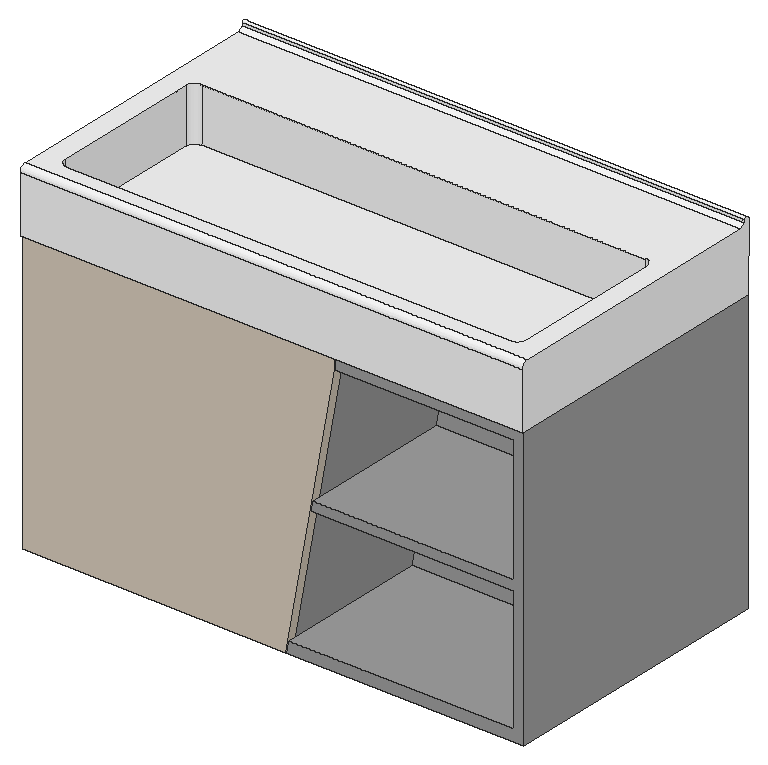
Revit family "LM0076101_Mueble Fussion Plus 80 Cm", category Specialty Equipment, Revit 2019
Family settings
  Round Connector Dimension = Use Diameter
  Part Type = Normal
  Work Plane-Based = No
  Always vertical = Yes
  Cut with Voids When Loaded = No
  Shared = No
  Room Calculation Point = No
Parameters
  Resistencia al Rayado = "700 ciclos."  # constant formula
  Resistencia a la humedad = "8%."  # constant formula
  Profundidad = 446 mm
  Profundida Lavamanos = 450 mm
  Peso Neto aprox = "32 lb (14,5 kg)."  # constant formula
  Peso Bruto aprox = "34,2 lb (15,5 kg)."  # constant formula
  Model = "Mueble Fussion Plus 80 Cm"  # constant formula
  Material 4 = Corona_Acero inoxidable
  Material 3 = Corona_Madera_Aglomerada_Plomo
  Material 2 = Corona_Madera_Aglomerada_Duna
  Material = Corona_Porcelana_Sanitaria
  Manufacturer = "Corona"  # constant formula
  Fecha de creación = "30/07/2020"  # constant formula
  Dimensiones generales del producto = "17,72” x 31,50” x 17,56” (450,0 x 800 x 446 mm)."  # constant formula
  Densidad = "15mm 670 kg./m^3."  # constant formula
  Creado por = "IDD"  # constant formula
  Canto = "PVC rígido 22 mm de calibre."  # constant formula
  Ancho Lavamanos = 802 mm
  Ancho = 800 mm
  Altura Lavamanos = 100 mm
  Alto = 450 mm
Reference planes
  plane 1 "Center (Front/Back)": y = 0
  plane 2: z = 0
  plane 3 "Center (Left/Right)": x = 0
  plane 4: x = -400
  plane 5: x = 400
  plane 6: y = -446
  plane 7: z = 450
  plane 8: z = 550
  plane 9: x = -400.965
  plane 10: x = 401.035
  plane 11: y = 0
  plane 12: y = -450
  plane 13: y = -200
Forms (mm)
  Extrusion 1, solid, material "Corona_Madera_Aglomerada_Duna" <- "Material 2"
    sketch origin (0, 0, 0) x (1, 0, 0) y (0, 0, 1)
      loop
        line (-400, 450) -> (-400, 0) -> (20, 0) -> (97.782, 431.668) -> (97.782, 450) -> (-400, 450)
    from 431.629 to 446
  Extrusion 2, solid, material "Corona_Madera_Aglomerada_Plomo" <- "Material 3"
    sketch origin (0, 0, 0) x (1, 0, 0) y (0, 0, 1)
      loop
        line (97.782, 450) -> (97.782, 431.668) -> (20, 0) -> (400, 0) -> (400, 450) -> (97.782, 450)
    from 0 to 200
  Extrusion 3, solid, material "Corona_Madera_Aglomerada_Plomo" <- "Material 3"
    sketch origin (0, 0, 0) x (1, 0, 0) y (0, 0, 1)
      loop
        line (97.782, 431.668) -> (382.782, 431.668) -> (382.782, 231.668) -> (61.744, 231.668) -> (58.891, 215.834) -> (382.782, 215.834) -> (382.782, 18.127) -> (23.266, 18.127) -> (20, 0) -> (400, 0) -> (400, 450) -> (97.782, 450) -> (97.782, 431.668)
    from 200 to 446
  Extrusion 4, solid, material "Corona_Madera_Aglomerada_Plomo" <- "Material 3"
    sketch origin (0, 14.371, 0) x (1, 0, 0) y (0, 0, 1)
      loop
        line (-400, 450) -> (-400, 0) -> (20, 0) -> (97.782, 431.668) -> (97.782, 450) -> (-400, 450)
    from 14.371 to 446
  Extrusion 5, solid, material "Corona_Porcelana_Sanitaria" <- "Material"
    sketch origin (0, 0, 0) x (0, 1, 0) y (0, 0, 1)
      loop
        line (-450, 450) -> (0, 450) -> (0, 558.875)
        arc (0, 558.875) -> (-3.17, 562.045) -> (-6.34, 558.875) r 3.17
        line (-6.34, 558.875) -> (-6.34, 555)
        arc (-6.34, 555) -> (-10.871, 552.848) -> (-15, 550) r 31.272
        line (-15, 550) -> (-440, 550)
        arc (-440, 550) -> (-447.071, 547.071) -> (-450, 540) r 10
        line (-450, 540) -> (-450, 450)
    from -400.965 to 401.035
  Extrusion 6, void
    sketch origin (0, 0, 0) x (1, 0, 0) y (0, 1, 0)
      loop
        arc (-352.22, -147.944) -> (-362.826, -152.337) -> (-367.22, -162.944) r 15
        line (-367.22, -162.944) -> (-367.22, -402.944)
        arc (-367.22, -402.944) -> (-362.826, -413.55) -> (-352.22, -417.944) r 15
        line (-352.22, -417.944) -> (354.03, -417.944)
        arc (354.03, -417.944) -> (364.637, -413.55) -> (369.03, -402.944) r 15
        line (369.03, -402.944) -> (369.03, -162.944)
        arc (369.03, -162.944) -> (364.637, -152.337) -> (354.03, -147.944) r 15
        line (354.03, -147.944) -> (-352.22, -147.944)
    from 463.61 to 651.331
Cuts and joins
  Extrusion 6 cuts Extrusion 2
  Extrusion 6 cuts Extrusion 3
  joined: Extrusion 2, Extrusion 3
  Extrusion 6 cuts Extrusion 4
  Extrusion 6 cuts Extrusion 5
Lines and regions (mm)
  symbolic lines
    curve 1: line (-400.965, 0, 0) -> (401.035, 0, 0)
    curve 2: line (-400.965, -450, 0) -> (-400.965, 0, 0)
    curve 3: line (401.035, -450, 0) -> (-400.965, -450, 0)
    curve 4: line (401.035, 0, 0) -> (401.035, -450, 0)
    curve 5: line (-400.965, 0, 0) -> (401.035, 0, 0)
    curve 6: line (-400.965, -6.34, 0) -> (-400.965, 0, 0)
    curve 7: line (401.035, -6.34, 0) -> (-400.965, -6.34, 0)
    curve 8: line (401.035, 0, 0) -> (401.035, -6.34, 0)
    curve 9: line (354.03, -147.944, 0) -> (-352.22, -147.944, 0)
    curve 10: line (-367.22, -162.944, 0) -> (-367.22, -402.944, 0)
    curve 11: arc (-352.22, -147.944, 0) -> (-362.826, -152.337, 0) -> (-367.22, -162.944, 0) r 15
    curve 12: arc (-367.22, -402.944, 0) -> (-362.826, -413.55, 0) -> (-352.22, -417.944, 0) r 15
    curve 13: line (-352.22, -417.944, 0) -> (354.03, -417.944, 0)
    curve 14: arc (354.03, -417.944, 0) -> (364.637, -413.55, 0) -> (369.03, -402.944, 0) r 15
    curve 15: line (369.03, -402.944, 0) -> (369.03, -162.944, 0)
    curve 16: arc (369.03, -162.944, 0) -> (364.637, -152.337, 0) -> (354.03, -147.944, 0) r 15
    curve 17: circle (0, -158.21, 0) r 10 normal (0, 0, 1)
Dimensions and locks
  equal spacing: plane 4, plane 3 "Center (Left/Right)", plane 5
  "Ancho": plane 4 to plane 5
  "Profundidad": plane 6 to plane 1 "Center (Front/Back)"
  "Alto": plane 7 to level
  "Altura Lavamanos": plane 8 to plane 7
  "Ancho Lavamanos": plane 9 to plane 10
  "Profundida Lavamanos": plane 11 to plane 12
  aligned and locked: level to plane 2
Automatic sketch dimensions
  Extrusion 1 sketch curve to plane 4 = 0 mm
  Extrusion 1 sketch curve to level = 0 mm
  Extrusion 1 sketch curve to plane 7 = 0 mm
  plane 3 "Center (Left/Right)" to Extrusion 1 sketch curve = 20 mm
  plane 3 "Center (Left/Right)" to Extrusion 1 sketch curve = 97.782 mm
  Extrusion 1 sketch curve to plane 7 = 18.332 mm
  Extrusion 2 sketch curve to level = 0 mm
  Extrusion 2 sketch curve to plane 7 = 0 mm
  Extrusion 2 sketch curve to plane 5 = 0 mm
  plane 3 "Center (Left/Right)" to Extrusion 2 sketch curve = 97.782 mm
  plane 3 "Center (Left/Right)" to Extrusion 2 sketch curve = 20 mm
  Extrusion 2 sketch curve to plane 7 = 18.332 mm
  Extrusion 3 sketch curve to level = 0 mm
  Extrusion 3 sketch curve to plane 7 = 0 mm
  Extrusion 3 sketch curve to plane 5 = 0 mm
  Extrusion 3 sketch curve to plane 5 = 17.218 mm  (x2)
  plane 3 "Center (Left/Right)" to Extrusion 3 sketch curve = 97.782 mm
  plane 3 "Center (Left/Right)" to Extrusion 3 sketch curve = 61.744 mm
  Extrusion 3 sketch curve to Extrusion 3 sketch curve = 2.853 mm
  plane 3 "Center (Left/Right)" to Extrusion 3 sketch curve = 23.266 mm
  Extrusion 3 sketch curve to Extrusion 3 sketch curve = 3.266 mm
  level to Extrusion 3 sketch curve = 18.127 mm
  Extrusion 3 sketch curve to Extrusion 3 sketch curve = 197.707 mm
  Extrusion 3 sketch curve to Extrusion 3 sketch curve = 15.834 mm
  Extrusion 3 sketch curve to Extrusion 3 sketch curve = 18.332 mm
  Extrusion 4 sketch curve to plane 4 = 0 mm
  Extrusion 4 sketch curve to level = 0 mm
  Extrusion 4 sketch curve to plane 7 = 0 mm
  plane 3 "Center (Left/Right)" to Extrusion 4 sketch curve = 20 mm
  plane 3 "Center (Left/Right)" to Extrusion 4 sketch curve = 97.782 mm
  Extrusion 4 sketch curve to plane 7 = 18.332 mm
  Extrusion 5 sketch curve to plane 7 = 0 mm
  Extrusion 5 sketch curve to plane 12 = 0 mm
  Extrusion 5 sketch curve to plane 8 = 0 mm
  Extrusion 5 sketch curve to plane 1 "Center (Front/Back)" = 0 mm
  plane 6 to Extrusion 5 sketch curve = 6 mm
  plane 1 "Center (Front/Back)" to Extrusion 5 sketch curve = 15 mm
  Extrusion 5 sketch curve to Extrusion 5 sketch curve = 6.34 mm
  Extrusion 5 sketch curve to plane 1 "Center (Front/Back)" = 4.765 mm
  Extrusion 5 sketch curve to plane 8 = 24.234 mm
  Extrusion 5 sketch curve to Extrusion 5 sketch curve = 3.875 mm
  plane 4 to Extrusion 6 sketch curve = 32.78 mm
  Extrusion 6 sketch curve to Extrusion 6 sketch curve = 15 mm  (x3)
  Extrusion 6 sketch curve to plane 5 = 45.97 mm  (x2)
  plane 6 to Extrusion 6 sketch curve = 28.056 mm
  plane 13 to Extrusion 6 sketch curve = 37.056 mm
  plane 1 "Center (Front/Back)" to curve 1 = 0 mm
  curve 1 to plane 9 = 0 mm
  curve 17 to plane 3 "Center (Left/Right)" = 0 mm
  curve 8 to plane 10 = 0 mm
  curve 3 to plane 12 = 0 mm
  plane 4 to curve 10 = 32.78 mm
  curve 10 to curve 11 = 15 mm
  curve 10 to curve 13 = 15 mm
  curve 14 to plane 5 = 45.97 mm
  curve 16 to plane 5 = 45.97 mm
  curve 16 to curve 15 = 15 mm
  plane 6 to curve 13 = 28.056 mm
  plane 13 to curve 16 = 37.056 mm
  plane 13 to curve 17 = 41.79 mm
  plane 1 "Center (Front/Back)" to curve 8 = 6.34 mm
  radius of curve 17 = 10 mm
Connectors
  piping at (-1.25, 0, 172.5), diameter 50.8
    settings: on Extrusion 4, index 1, connector inside diameter 609.6 mm, connector length 0 mm, flow factor 0, pipe flow 0.0 L/s, pressure drop 0.0 Pa, fitting loss kfactor 0, connector angle 0.00°, fixture units 0, engagement length 0 mm, angle of deflection 0.00°, flow configuration 0, flow direction 2, fitting loss method 0, system type 22, joint type 0, gender type 0, connector reference index -1, connector utility 0, adjustable connector no, is connector primary yes, connector description ""
  piping at (-105.26, 0, 264.82), diameter 12.7
    settings: on Extrusion 4, index 3, connector inside diameter 609.6 mm, connector length 0 mm, flow factor 0, pipe flow 0.0 L/s, pressure drop 0.0 Pa, fitting loss kfactor 0, connector angle 0.00°, fixture units 0, engagement length 0 mm, angle of deflection 0.00°, flow configuration 0, flow direction 1, fitting loss method 0, system type 19, joint type 0, gender type 0, connector reference index -1, connector utility 0, adjustable connector no, is connector primary no, connector description ""
  piping at (98.49, 0, 264.82), diameter 12.7
    settings: on Extrusion 4, index 4, connector inside diameter 609.6 mm, connector length 0 mm, flow factor 0, pipe flow 0.0 L/s, pressure drop 0.0 Pa, fitting loss kfactor 0, connector angle 0.00°, fixture units 0, engagement length 0 mm, angle of deflection 0.00°, flow configuration 0, flow direction 1, fitting loss method 0, system type 20, joint type 0, gender type 0, connector reference index -1, connector utility 0, adjustable connector no, is connector primary no, connector description ""
